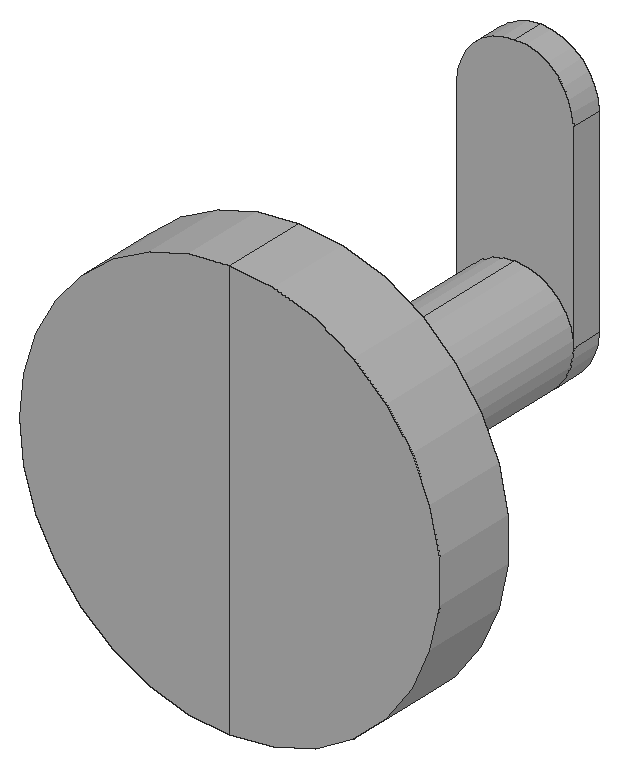
Revit family "TH6016661_Kit por 6 Accesorios Thames(Percha)", category Plumbing Fixtures, Revit 2019
Family settings
  Round Connector Dimension = Use Diameter
  Part Type = Normal
  OmniClass Number = 23.19.25.13.21.17
  OmniClass Title = Fittings
  Work Plane-Based = No
  Always vertical = Yes
  Cut with Voids When Loaded = No
  Shared = No
  Room Calculation Point = No
Parameters
  Uso = "Residencial"  # constant formula
  URL = "https://corona.co/productos/accesorios/kit-por-6-accesorios-thames/p/TH6016661"
  Resistencia = "Resistente a la corrosión pelado y decoloración por agua, Resistencia al peso general hasta 9 kg, Resistencia al peso del toallero barra hasta 23 kg"  # constant formula
  Número de piezas = "6"  # constant formula
  Materiales = "Cromado"  # constant formula
  Material = Corona_Cromo
  Línea = "Torino"  # constant formula
  Garantías de otros componentes = "2 años en acabados"  # constant formula
  Garantía = "30 años en estructura"  # constant formula
  Fecha de creación = "14/08/2020"  # constant formula
  Description = "Nuestro kit de accesorios que reflejan las últimas tendencias de diseño, convirtiéndose así en el mejor complemento para tu baño. ¡Pídelo ahora!"  # constant formula
  Creado por = "IDD"  # constant formula
  Componentes = "Percha, Toallero, Jabonera, Barra, Cepillera, Portarrollo"  # constant formula
  Colección = "Gama Media 2010"  # constant formula
  Acabado = "Cromado"  # constant formula
Reference planes
  plane 1 "Center (Front/Back)": y = 0
  plane 2: z = 0
  plane 3 "Center (Left/Right)": x = 0
Forms (mm)
  Extrusion 1, solid, material "Corona_Cromo" <- "Material", detail levels coarse
    sketch origin (0, 0, 0) x (1, 0, 0) y (0, 1, 0)
      loop
        line (-19.9, 0) -> (19.236, 0) -> (19.236, 35.853) -> (-19.9, 35.853) -> (-19.9, 0)
    from -19.607 to 24.203
  Revolve 2, solid, material "Corona_Cromo" <- "Material", detail levels medium+fine
    sketch origin (-0.274, 273.908, -295.671) x (0, -1, 0) y (0, 0, 1)
      loop
        line (240.98, 295.671) -> (240.98, 290.299) -> (265.98, 290.299) -> (265.98, 276.231) -> (273.908, 276.231) -> (273.908, 295.671) -> (240.98, 295.671)
      axis (273.908, 295.671) -> (240.98, 295.671)
    angle from 0 to 360
  Extrusion 3, solid, material "Corona_Cromo" <- "Material", detail levels medium+fine
    sketch origin (318.08, -216.047, -295.671) x (-1, 0, 0) y (0, 0, 1)
      loop
        line (323.725, 295.671) -> (323.725, 313.98)
        arc (323.725, 313.98) -> (322.152, 317.778) -> (318.354, 319.352) r 5.371
        arc (318.354, 319.352) -> (314.555, 317.778) -> (312.982, 313.98) r 5.371
        line (312.982, 313.98) -> (312.982, 295.671)
        arc (312.982, 295.671) -> (314.555, 291.873) -> (318.354, 290.299) r 5.371
        arc (318.354, 290.299) -> (322.152, 291.873) -> (323.725, 295.671) r 5.371
    from 248.975 to 251.9
Dimensions and locks
  aligned and locked: level to plane 2
